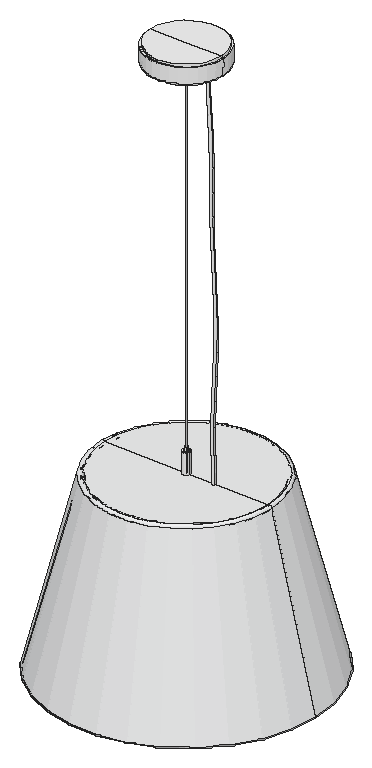
Revit family "FLOOT", category Lighting Fixtures, Revit 2019
Family settings
  Round Connector Dimension = Use Diameter
  Part Type = Normal
  OmniClass Number = 23.80.70.00
  OmniClass Title = Lighting
  Work Plane-Based = Yes
  Always vertical = No
  Cut with Voids When Loaded = No
  Light Source = Yes
  Shared = No
  Room Calculation Point = No
Parameters (values of type "4800lm 33W 3000K CRI85 17° METAL")
  Wattage Comments = "33"
  Wattage = 32.3141 W
  built-in parameter 1150110 = 1 (stored number, unit not read)
  URL = "https://www.aria.lighting/interni/sospensioni/floot"
  Type Image = FLOOT METAL.jpg
  Type Comments = "Suspended light"
  built-in parameter 1114217 = 1 (stored number, unit not read)
  Tilt Angle = 30.00°
  built-in parameter 1150109 = 1 (stored number, unit not read)
  built-in parameter 1150134 = (empty or 0)
  built-in parameter 1150113 = 1 (stored number, unit not read)
  Photometric Web File = "3916-01 _ FLOOT LED 33W 4800 lm 17°.IES"
  built-in parameter 1150142 = "IESNA:LM-63-2002\r\n[TEST] 3916-01 16°/05-12-2012 / Luca\r\n[TESTLAB] ies2eulumdat.appspot.com\r\n[ISSUEDATE] 2021-09-21T07:35:19.056\r\n[MANUFAC] IVELA SpA\r\n[LUMCAT] 3916-01\r\n[LUMINAIRE] FLOOT LED 33W 4800 lm 17°\r\n[LAMPCAT] LED per FLOOT 4800\r\n[LAMP] LED per FLOOT 4800\r\nTILT=NONE\r\n1\t4258\t1\t37\t1\t1\t2\t-0.070\t-0.070\t0.025\r\n1.0\t1.0\t33.00\r\n0\t 5\t 10\t 15\t 20\t 25\t 30\t 35\t 40\t 45\r\n50\t 55\t 60\t 65\t 70\t 75\t 80\t 85\t 90\t 95\r\n100\t 105\t 110\t 115\t 120\t 125\t 130\t 135\t 140\t 145\r\n150\t 155\t 160\t 165\t 170\t 175\t 180\r\n0\r\n23457.7191\t18550.2493\t8656.4797\t3463.4482\t2102.3302\t1709.0112\t1517.5544\t1144.6166\t426.1139\t55.9598\r\n19.8657\t2.9003\t0.5377\t0.3858\t0.2892\t0.2317\t0.1938\t0.1666\t0.149\t0.1544\r\n0.1822\t0.2889\t0.5673\t1.0244\t1.6194\t2.3519\t3.4314\t5.3577\t8.5544\t12.5435\r\n16.0512\t18.0748\t19.0623\t20.1015\t20.7962\t19.5162\t17.8737"
  Model = "391"
  Manufacturer = "ARIA"
  Lumens = 4800 lm
  built-in parameter 1150115 = 1 (stored number, unit not read)
  built-in parameter 1150105 = 26443.6 (stored number, unit not read)
  built-in parameter 1150137 = (empty or 0)
  built-in parameter 1150139 = (empty or 0)
  built-in parameter 1150112 = 1 (stored number, unit not read)
  built-in parameter 1150114 = 1 (stored number, unit not read)
  Lamp = "4800lm 33W 3000K CRI85"
  built-in parameter 1150132 = 2
  built-in parameter 1150102 = (empty or 0)
  built-in parameter 1150138 = (empty or 0)
  built-in parameter 1150107 = 3000 (stored number, unit not read)
  built-in parameter 1150106 = 264.44 (stored number, unit not read)
  Glass Material = Glass
  built-in parameter 1150104 = 13.8 (stored number, unit not read)
  Effective Intensity (lm) = 4258
  Dimming Lamp Color Temperature Shift = <None>
  Description = "Floot è una lampada a sospensione a luce diffusa con sorgente LED COB che si distingue per la sobrietà delle linee e il rigore funzionale.\r\nUn design elegante e al contempo altamente innovativo fa di Floot una presenza visibile ma leggera, per ambienti privati e pubblici.\r\nIl vano componenti, che agisce anche da raffreddatore, è in contrasto con il diffusore a campana, segno lineare ed essenziale che determina l’eleganza e la leggerezza sofisticata dell’apparecchio.\r\nApplicabili ottiche professionali, fornite come accessori, per una varietà di fasci luminosi differenti.\r\nApplicabile a binario trifase LKM con gli specifici adattatori."
  Default Elevation = 0 mm
  Cord lenght = 498 mm
  Color Filter = 16777215
  Codice = "3916-01-52"
  CRI L'indice di Resa Cromatica = "85"
  Body Diameter = 354 mm
  Body Material = Aluminum
  Body Length = 238 mm
  Beam angle (°) = "17°"
  built-in parameter 1114218 = 1 (stored number, unit not read)
  built-in parameter 1150133 = 10 (stored number, unit not read)
Types (16, lengths in mm): name | Wattage | Type Image | Photometric Web File | built-in parameter 1150142 | Lumens | built-in parameter 1150105 | Lamp | built-in parameter 1150106 | Effective Intensity (lm) | Cord lenght | Codice | Body Material | Beam angle (°)
  4800lm 33W 3000K CRI85 17° WHITE | 32.3141 W | FLOOT BIANCO TRASLUCIDO.jpg | "3916-01 _ FLOOT LED 33W 4800 lm 17°.IES" | "IESNA:LM-63-2002\r\n[TEST] 3916-01 16°/05-12-2012 / Luca\r\n[TESTLAB] ies2eulumdat.appspot.com\r\n[ISSUEDATE] 2021-09-21T07:35:19.056\r\n[MANUFAC] IVELA SpA\r\n[LUMCAT] 3916-01\r\n[LUMINAIRE] FLOOT LED 33W 4800 lm 17°\r\n[LAMPCAT] LED per FLOOT 4800\r\n[LAMP] LED per FLOOT 4800\r\nTILT=NONE\r\n1\t4258\t1\t37\t1\t1\t2\t-0.070\t-0.070\t0.025\r\n1.0\t1.0\t33.00\r\n0\t 5\t 10\t 15\t 20\t 25\t 30\t 35\t 40\t 45\r\n50\t 55\t 60\t 65\t 70\t 75\t 80\t 85\t 90\t 95\r\n100\t 105\t 110\t 115\t 120\t 125\t 130\t 135\t 140\t 145\r\n150\t 155\t 160\t 165\t 170\t 175\t 180\r\n0\r\n23457.7191\t18550.2493\t8656.4797\t3463.4482\t2102.3302\t1709.0112\t1517.5544\t1144.6166\t426.1139\t55.9598\r\n19.8657\t2.9003\t0.5377\t0.3858\t0.2892\t0.2317\t0.1938\t0.1666\t0.149\t0.1544\r\n0.1822\t0.2889\t0.5673\t1.0244\t1.6194\t2.3519\t3.4314\t5.3577\t8.5544\t12.5435\r\n16.0512\t18.0748\t19.0623\t20.1015\t20.7962\t19.5162\t17.8737" | 4800 lm | 26443.6 (stored number, unit not read) | "4800lm 33W 3000K CRI85" | 264.44 (stored number, unit not read) | 4258 | 498 | "3916-01-06" | White Traslucido | "17°"
  4800lm 33W 3000K CRI85 30° WHITE | 32.3141 W | FLOOT BIANCO TRASLUCIDO.jpg | "3916-01 _ FLOOT LED 33W 4800 lm 30°.IES" | "IESNA:LM-63-2002\r\n[TEST] 3916-01 30°/20-11-2012 / Luca\r\n[TESTLAB] ies2eulumdat.appspot.com\r\n[ISSUEDATE] 2021-09-21T07:35:40.438\r\n[MANUFAC] IVELA SpA\r\n[LUMCAT] 3916-01\r\n[LUMINAIRE] FLOOT LED 33W 4800 lm 30°\r\n[LAMPCAT] LED per FLOOT 4800\r\n[LAMP] LED per FLOOT 4800\r\nTILT=NONE\r\n1\t4258\t1\t37\t1\t1\t2\t-0.070\t-0.070\t0.025\r\n1.0\t1.0\t33.00\r\n0\t 5\t 10\t 15\t 20\t 25\t 30\t 35\t 40\t 45\r\n50\t 55\t 60\t 65\t 70\t 75\t 80\t 85\t 90\t 95\r\n100\t 105\t 110\t 115\t 120\t 125\t 130\t 135\t 140\t 145\r\n150\t 155\t 160\t 165\t 170\t 175\t 180\r\n0\r\n11049.6067\t10584.6603\t8489.3506\t5038.4739\t2947.6863\t2036.6166\t1567.6648\t1088.7753\t572.6464\t150.5804\r\n24.1011\t2.7049\t0.7677\t0.5269\t0.3711\t0.2704\t0.206\t0.1594\t0.1298\t0.1381\r\n0.1817\t0.3235\t0.621\t1.0951\t1.7511\t2.6874\t4.1031\t6.2252\t9.0264\t12.1999\r\n15.2232\t17.6233\t19.2384\t20.2417\t20.5431\t19.9479\t19.8111" | 4800 lm | 26443.6 (stored number, unit not read) | "4800lm 33W 3000K CRI85" | 264.44 (stored number, unit not read) | 4258 | 498 | "3916-01-06" | White Traslucido | "30°"
  4800lm 33W 3000K CRI85 55° WHITE | 32.3141 W | FLOOT BIANCO TRASLUCIDO.jpg | "3916-01 _ FLOOT LED 33W 4800 lm 60°.IES" | "IESNA:LM-63-2002\r\n[TEST] 3916-01 60°/07-12-2012 / Luca\r\n[TESTLAB] ies2eulumdat.appspot.com\r\n[ISSUEDATE] 2021-09-21T07:36:02.473\r\n[MANUFAC] IVELA SpA\r\n[LUMCAT] 3916-01\r\n[LUMINAIRE] FLOOT LED 33W 4800 lm 60°\r\n[LAMPCAT] LED per FLOOT 4800\r\n[LAMP] LED per FLOOT 4800\r\nTILT=NONE\r\n1\t4258\t1\t37\t1\t1\t2\t-0.070\t-0.070\t0.025\r\n1.0\t1.0\t33.00\r\n0\t 5\t 10\t 15\t 20\t 25\t 30\t 35\t 40\t 45\r\n50\t 55\t 60\t 65\t 70\t 75\t 80\t 85\t 90\t 95\r\n100\t 105\t 110\t 115\t 120\t 125\t 130\t 135\t 140\t 145\r\n150\t 155\t 160\t 165\t 170\t 175\t 180\r\n0\r\n4667.1526\t4644.2867\t4570.3289\t4360.9114\t3774.7794\t2926.3731\t2263.9659\t1597.624\t681.4506\t186.1486\r\n88.2688\t39.1311\t21.2263\t12.0821\t6.6604\t3.2854\t1.6896\t0.8641\t0.2509\t0.2283\r\n0.2915\t0.4731\t0.8801\t1.5643\t2.5154\t3.7557\t5.3311\t7.2161\t9.2968\t11.4971\r\n13.7108\t15.6559\t17.0248\t17.9577\t18.6924\t19.4436\t20.0017" | 4800 lm | 26443.6 (stored number, unit not read) | "4800lm 33W 3000K CRI85" | 264.44 (stored number, unit not read) | 4258 | 498 | "3916-01-06" | White Traslucido | "55°"
  4800lm 33W 3000K CRI85 70° WHITE | 32.3141 W | FLOOT BIANCO TRASLUCIDO.jpg | "3916-01 _ FLOOT LED 33W 4800 lm 70°.IES" | "IESNA:LM-63-2002\r\n[TEST] 3916-01 70°/07-11-2013 / Luca\r\n[TESTLAB] ies2eulumdat.appspot.com\r\n[ISSUEDATE] 2021-09-21T07:37:08.327\r\n[MANUFAC] IVELA SpA\r\n[LUMCAT] 3916-01\r\n[LUMINAIRE] FLOOT LED 33W 4800 lm 70°\r\n[LAMPCAT] LED per FLOOT 4800\r\n[LAMP] LED per FLOOT 4800\r\nTILT=NONE\r\n1\t4258\t1\t37\t1\t1\t2\t-0.070\t-0.070\t0.025\r\n1.0\t1.0\t33.00\r\n0\t 5\t 10\t 15\t 20\t 25\t 30\t 35\t 40\t 45\r\n50\t 55\t 60\t 65\t 70\t 75\t 80\t 85\t 90\t 95\r\n100\t 105\t 110\t 115\t 120\t 125\t 130\t 135\t 140\t 145\r\n150\t 155\t 160\t 165\t 170\t 175\t 180\r\n0\r\n3133.2973\t3085.8452\t2941.1085\t2723.22\t2507.7668\t2304.1194\t2043.3649\t1517.6794\t955.3264\t550.9744\r\n447.0406\t363.3969\t286.7944\t219.2301\t159.0732\t108.3989\t65.1211\t29.4261\t1.8356\t0.9243\r\n1.1801\t1.5468\t2.0867\t2.8252\t3.7161\t4.7354\t5.8785\t7.1543\t8.4931\t9.8666\r\n11.18\t12.2307\t12.9241\t13.5145\t14.2276\t14.8576\t15.2187" | 4800 lm | 26443.6 (stored number, unit not read) | "4800lm 33W 3000K CRI85" | 264.44 (stored number, unit not read) | 4258 | 498 | "3916-01-06" | White Traslucido | "70°"
  4800lm 33W 3000K CRI85 17° METAL | 32.3141 W | FLOOT METAL.jpg | "3916-01 _ FLOOT LED 33W 4800 lm 17°.IES" | "IESNA:LM-63-2002\r\n[TEST] 3916-01 16°/05-12-2012 / Luca\r\n[TESTLAB] ies2eulumdat.appspot.com\r\n[ISSUEDATE] 2021-09-21T07:35:19.056\r\n[MANUFAC] IVELA SpA\r\n[LUMCAT] 3916-01\r\n[LUMINAIRE] FLOOT LED 33W 4800 lm 17°\r\n[LAMPCAT] LED per FLOOT 4800\r\n[LAMP] LED per FLOOT 4800\r\nTILT=NONE\r\n1\t4258\t1\t37\t1\t1\t2\t-0.070\t-0.070\t0.025\r\n1.0\t1.0\t33.00\r\n0\t 5\t 10\t 15\t 20\t 25\t 30\t 35\t 40\t 45\r\n50\t 55\t 60\t 65\t 70\t 75\t 80\t 85\t 90\t 95\r\n100\t 105\t 110\t 115\t 120\t 125\t 130\t 135\t 140\t 145\r\n150\t 155\t 160\t 165\t 170\t 175\t 180\r\n0\r\n23457.7191\t18550.2493\t8656.4797\t3463.4482\t2102.3302\t1709.0112\t1517.5544\t1144.6166\t426.1139\t55.9598\r\n19.8657\t2.9003\t0.5377\t0.3858\t0.2892\t0.2317\t0.1938\t0.1666\t0.149\t0.1544\r\n0.1822\t0.2889\t0.5673\t1.0244\t1.6194\t2.3519\t3.4314\t5.3577\t8.5544\t12.5435\r\n16.0512\t18.0748\t19.0623\t20.1015\t20.7962\t19.5162\t17.8737" | 4800 lm | 26443.6 (stored number, unit not read) | "4800lm 33W 3000K CRI85" | 264.44 (stored number, unit not read) | 4258 | 498 | "3916-01-52" | Aluminum | "17°"
  4800lm 33W 3000K CRI85 30° METAL | 32.3141 W | FLOOT METAL.jpg | "3916-01 _ FLOOT LED 33W 4800 lm 30°.IES" | "IESNA:LM-63-2002\r\n[TEST] 3916-01 30°/20-11-2012 / Luca\r\n[TESTLAB] ies2eulumdat.appspot.com\r\n[ISSUEDATE] 2021-09-21T07:35:40.438\r\n[MANUFAC] IVELA SpA\r\n[LUMCAT] 3916-01\r\n[LUMINAIRE] FLOOT LED 33W 4800 lm 30°\r\n[LAMPCAT] LED per FLOOT 4800\r\n[LAMP] LED per FLOOT 4800\r\nTILT=NONE\r\n1\t4258\t1\t37\t1\t1\t2\t-0.070\t-0.070\t0.025\r\n1.0\t1.0\t33.00\r\n0\t 5\t 10\t 15\t 20\t 25\t 30\t 35\t 40\t 45\r\n50\t 55\t 60\t 65\t 70\t 75\t 80\t 85\t 90\t 95\r\n100\t 105\t 110\t 115\t 120\t 125\t 130\t 135\t 140\t 145\r\n150\t 155\t 160\t 165\t 170\t 175\t 180\r\n0\r\n11049.6067\t10584.6603\t8489.3506\t5038.4739\t2947.6863\t2036.6166\t1567.6648\t1088.7753\t572.6464\t150.5804\r\n24.1011\t2.7049\t0.7677\t0.5269\t0.3711\t0.2704\t0.206\t0.1594\t0.1298\t0.1381\r\n0.1817\t0.3235\t0.621\t1.0951\t1.7511\t2.6874\t4.1031\t6.2252\t9.0264\t12.1999\r\n15.2232\t17.6233\t19.2384\t20.2417\t20.5431\t19.9479\t19.8111" | 4800 lm | 26443.6 (stored number, unit not read) | "4800lm 33W 3000K CRI85" | 264.44 (stored number, unit not read) | 4258 | 498 | "3916-01-52" | Aluminum | "30°"
  4800lm 33W 3000K CRI85 55° METAL | 32.3141 W | FLOOT METAL.jpg | "3916-01 _ FLOOT LED 33W 4800 lm 60°.IES" | "IESNA:LM-63-2002\r\n[TEST] 3916-01 60°/07-12-2012 / Luca\r\n[TESTLAB] ies2eulumdat.appspot.com\r\n[ISSUEDATE] 2021-09-21T07:36:02.473\r\n[MANUFAC] IVELA SpA\r\n[LUMCAT] 3916-01\r\n[LUMINAIRE] FLOOT LED 33W 4800 lm 60°\r\n[LAMPCAT] LED per FLOOT 4800\r\n[LAMP] LED per FLOOT 4800\r\nTILT=NONE\r\n1\t4258\t1\t37\t1\t1\t2\t-0.070\t-0.070\t0.025\r\n1.0\t1.0\t33.00\r\n0\t 5\t 10\t 15\t 20\t 25\t 30\t 35\t 40\t 45\r\n50\t 55\t 60\t 65\t 70\t 75\t 80\t 85\t 90\t 95\r\n100\t 105\t 110\t 115\t 120\t 125\t 130\t 135\t 140\t 145\r\n150\t 155\t 160\t 165\t 170\t 175\t 180\r\n0\r\n4667.1526\t4644.2867\t4570.3289\t4360.9114\t3774.7794\t2926.3731\t2263.9659\t1597.624\t681.4506\t186.1486\r\n88.2688\t39.1311\t21.2263\t12.0821\t6.6604\t3.2854\t1.6896\t0.8641\t0.2509\t0.2283\r\n0.2915\t0.4731\t0.8801\t1.5643\t2.5154\t3.7557\t5.3311\t7.2161\t9.2968\t11.4971\r\n13.7108\t15.6559\t17.0248\t17.9577\t18.6924\t19.4436\t20.0017" | 4800 lm | 26443.6 (stored number, unit not read) | "4800lm 33W 3000K CRI85" | 264.44 (stored number, unit not read) | 4258 | 498 | "3916-01-52" | Aluminum | "55°"
  4800lm 33W 3000K CRI85 70° METAL | 32.3141 W | FLOOT METAL.jpg | "3916-01 _ FLOOT LED 33W 4800 lm 70°.IES" | "IESNA:LM-63-2002\r\n[TEST] 3916-01 70°/07-11-2013 / Luca\r\n[TESTLAB] ies2eulumdat.appspot.com\r\n[ISSUEDATE] 2021-09-21T07:37:08.327\r\n[MANUFAC] IVELA SpA\r\n[LUMCAT] 3916-01\r\n[LUMINAIRE] FLOOT LED 33W 4800 lm 70°\r\n[LAMPCAT] LED per FLOOT 4800\r\n[LAMP] LED per FLOOT 4800\r\nTILT=NONE\r\n1\t4258\t1\t37\t1\t1\t2\t-0.070\t-0.070\t0.025\r\n1.0\t1.0\t33.00\r\n0\t 5\t 10\t 15\t 20\t 25\t 30\t 35\t 40\t 45\r\n50\t 55\t 60\t 65\t 70\t 75\t 80\t 85\t 90\t 95\r\n100\t 105\t 110\t 115\t 120\t 125\t 130\t 135\t 140\t 145\r\n150\t 155\t 160\t 165\t 170\t 175\t 180\r\n0\r\n3133.2973\t3085.8452\t2941.1085\t2723.22\t2507.7668\t2304.1194\t2043.3649\t1517.6794\t955.3264\t550.9744\r\n447.0406\t363.3969\t286.7944\t219.2301\t159.0732\t108.3989\t65.1211\t29.4261\t1.8356\t0.9243\r\n1.1801\t1.5468\t2.0867\t2.8252\t3.7161\t4.7354\t5.8785\t7.1543\t8.4931\t9.8666\r\n11.18\t12.2307\t12.9241\t13.5145\t14.2276\t14.8576\t15.2187" | 4800 lm | 26443.6 (stored number, unit not read) | "4800lm 33W 3000K CRI85" | 264.44 (stored number, unit not read) | 4258 | 500 | "3916-01-52" | Aluminum | "70°"
  6800lm 51W 3000K CRI85 25° WHITE | 45.7783 W | FLOOT BIANCO TRASLUCIDO.jpg | "3915 _ FLOOT LED 51W 6800 lm 25°.IES" | "IESNA:LM-63-2002\r\n[TEST] 3915-01 25°/14-11-2013 / Luca\r\n[TESTLAB] ies2eulumdat.appspot.com\r\n[ISSUEDATE] 2021-09-21T07:33:18.867\r\n[MANUFAC] IVELA SpA\r\n[LUMCAT] 3915-01\r\n[LUMINAIRE] FLOOT LED 51W 6800 lm 25°\r\n[LAMPCAT] LED per FLOOT 6800\r\n[LAMP] LED per FLOOT 6800\r\nTILT=NONE\r\n1\t5783\t1\t37\t1\t1\t2\t-0.070\t-0.070\t0.025\r\n1.0\t1.0\t51.00\r\n0\t 5\t 10\t 15\t 20\t 25\t 30\t 35\t 40\t 45\r\n50\t 55\t 60\t 65\t 70\t 75\t 80\t 85\t 90\t 95\r\n100\t 105\t 110\t 115\t 120\t 125\t 130\t 135\t 140\t 145\r\n150\t 155\t 160\t 165\t 170\t 175\t 180\r\n0\r\n15982.0305\t15611.6056\t10806.6388\t6509.3008\t4258.6911\t3009.6965\t2221.2578\t1408.9109\t642.9737\t149.5106\r\n43.3217\t6.4826\t2.0669\t1.2704\t0.8017\t0.5227\t0.3528\t0.2515\t0.195\t0.2022\r\n0.2541\t0.4201\t0.7925\t1.4349\t2.3787\t3.7143\t5.6543\t8.4936\t12.2914\t16.6505\r\n20.7905\t23.9512\t26.0483\t27.3705\t27.8717\t27.1129\t26.6551" | 6800 lm | 37461.8 (stored number, unit not read) | "6800lm 51W 3000K CRI85" | 374.62 (stored number, unit not read) | 5873 | 498 | "3915-01-06" | White Traslucido | "25°"
  6800lm 51W 3000K CRI85 25° METAL | 45.7783 W | FLOOT METAL.jpg | "3915 _ FLOOT LED 51W 6800 lm 25°.IES" | "IESNA:LM-63-2002\r\n[TEST] 3915-01 25°/14-11-2013 / Luca\r\n[TESTLAB] ies2eulumdat.appspot.com\r\n[ISSUEDATE] 2021-09-21T07:33:18.867\r\n[MANUFAC] IVELA SpA\r\n[LUMCAT] 3915-01\r\n[LUMINAIRE] FLOOT LED 51W 6800 lm 25°\r\n[LAMPCAT] LED per FLOOT 6800\r\n[LAMP] LED per FLOOT 6800\r\nTILT=NONE\r\n1\t5783\t1\t37\t1\t1\t2\t-0.070\t-0.070\t0.025\r\n1.0\t1.0\t51.00\r\n0\t 5\t 10\t 15\t 20\t 25\t 30\t 35\t 40\t 45\r\n50\t 55\t 60\t 65\t 70\t 75\t 80\t 85\t 90\t 95\r\n100\t 105\t 110\t 115\t 120\t 125\t 130\t 135\t 140\t 145\r\n150\t 155\t 160\t 165\t 170\t 175\t 180\r\n0\r\n15982.0305\t15611.6056\t10806.6388\t6509.3008\t4258.6911\t3009.6965\t2221.2578\t1408.9109\t642.9737\t149.5106\r\n43.3217\t6.4826\t2.0669\t1.2704\t0.8017\t0.5227\t0.3528\t0.2515\t0.195\t0.2022\r\n0.2541\t0.4201\t0.7925\t1.4349\t2.3787\t3.7143\t5.6543\t8.4936\t12.2914\t16.6505\r\n20.7905\t23.9512\t26.0483\t27.3705\t27.8717\t27.1129\t26.6551" | 6800 lm | 37461.8 (stored number, unit not read) | "6800lm 51W 3000K CRI85" | 374.62 (stored number, unit not read) | 5873 | 498 | "3915-01-52" | Aluminum | "25°"
  6800lm 51W 3000K CRI85 40° WHITE | 45.7783 W | FLOOT BIANCO TRASLUCIDO.jpg | "3915 _ FLOOT LED 51W 6800 lm 40°.IES" | "IESNA:LM-63-2002\r\n[TEST] 3915-01 40°/05-11-2013 / Luca\r\n[TESTLAB] ies2eulumdat.appspot.com\r\n[ISSUEDATE] 2021-09-21T07:33:52.051\r\n[MANUFAC] IVELA SpA\r\n[LUMCAT] 3915-01\r\n[LUMINAIRE] FLOOT LED 51W 6800 lm 40°\r\n[LAMPCAT] LED per FLOOT 6800\r\n[LAMP] LED per FLOOT 6800\r\nTILT=NONE\r\n1\t5783\t1\t37\t1\t1\t2\t-0.070\t-0.070\t0.025\r\n1.0\t1.0\t51.00\r\n0\t 5\t 10\t 15\t 20\t 25\t 30\t 35\t 40\t 45\r\n50\t 55\t 60\t 65\t 70\t 75\t 80\t 85\t 90\t 95\r\n100\t 105\t 110\t 115\t 120\t 125\t 130\t 135\t 140\t 145\r\n150\t 155\t 160\t 165\t 170\t 175\t 180\r\n0\r\n10116.4089\t9836.1339\t8637.6997\t6765.6355\t4953.8723\t3587.008\t2652.7632\t1643.345\t757.1628\t178.41\r\n58.7128\t8.6597\t3.0369\t1.829\t1.1297\t0.6862\t0.405\t0.2593\t0.1875\t0.2009\r\n0.2585\t0.4479\t0.8767\t1.6349\t2.7412\t4.293\t6.4056\t9.2097\t12.5373\t16.1887\r\n19.8277\t22.938\t25.0953\t26.4036\t27.0549\t27.3009\t27.673" | 6800 lm | 37461.8 (stored number, unit not read) | "6800lm 51W 3000K CRI85" | 374.62 (stored number, unit not read) | 5873 | 498 | "3915-01-06" | White Traslucido | "40°"
  6800lm 51W 3000K CRI85 40° METAL | 45.7783 W | FLOOT METAL.jpg | "3915 _ FLOOT LED 51W 6800 lm 40°.IES" | "IESNA:LM-63-2002\r\n[TEST] 3915-01 40°/05-11-2013 / Luca\r\n[TESTLAB] ies2eulumdat.appspot.com\r\n[ISSUEDATE] 2021-09-21T07:33:52.051\r\n[MANUFAC] IVELA SpA\r\n[LUMCAT] 3915-01\r\n[LUMINAIRE] FLOOT LED 51W 6800 lm 40°\r\n[LAMPCAT] LED per FLOOT 6800\r\n[LAMP] LED per FLOOT 6800\r\nTILT=NONE\r\n1\t5783\t1\t37\t1\t1\t2\t-0.070\t-0.070\t0.025\r\n1.0\t1.0\t51.00\r\n0\t 5\t 10\t 15\t 20\t 25\t 30\t 35\t 40\t 45\r\n50\t 55\t 60\t 65\t 70\t 75\t 80\t 85\t 90\t 95\r\n100\t 105\t 110\t 115\t 120\t 125\t 130\t 135\t 140\t 145\r\n150\t 155\t 160\t 165\t 170\t 175\t 180\r\n0\r\n10116.4089\t9836.1339\t8637.6997\t6765.6355\t4953.8723\t3587.008\t2652.7632\t1643.345\t757.1628\t178.41\r\n58.7128\t8.6597\t3.0369\t1.829\t1.1297\t0.6862\t0.405\t0.2593\t0.1875\t0.2009\r\n0.2585\t0.4479\t0.8767\t1.6349\t2.7412\t4.293\t6.4056\t9.2097\t12.5373\t16.1887\r\n19.8277\t22.938\t25.0953\t26.4036\t27.0549\t27.3009\t27.673" | 6800 lm | 37461.8 (stored number, unit not read) | "6800lm 51W 3000K CRI85" | 374.62 (stored number, unit not read) | 5873 | 498 | "3915-01-52" | Aluminum | "40°"
  6800lm 51W 3000K CRI85 60° WHITE | 45.7783 W | FLOOT BIANCO TRASLUCIDO.jpg | "3915 _ FLOOT LED 51W 6800 lm 60°.IES" | "IESNA:LM-63-2002\r\n[TEST] 3915-01 60°/06-11-2013 / Luca\r\n[TESTLAB] ies2eulumdat.appspot.com\r\n[ISSUEDATE] 2021-09-21T07:34:14.433\r\n[MANUFAC] IVELA SpA\r\n[LUMCAT] 3915-01\r\n[LUMINAIRE] FLOOT LED 51W 6800 lm 60°\r\n[LAMPCAT] LED per FLOOT 6800\r\n[LAMP] LED per FLOOT 6800\r\nTILT=NONE\r\n1\t5783\t1\t37\t1\t1\t2\t-0.070\t-0.070\t0.025\r\n1.0\t1.0\t51.00\r\n0\t 5\t 10\t 15\t 20\t 25\t 30\t 35\t 40\t 45\r\n50\t 55\t 60\t 65\t 70\t 75\t 80\t 85\t 90\t 95\r\n100\t 105\t 110\t 115\t 120\t 125\t 130\t 135\t 140\t 145\r\n150\t 155\t 160\t 165\t 170\t 175\t 180\r\n0\r\n6498.5668\t6454.6359\t6277.7064\t5919.6569\t5314.8812\t4237.559\t3070.0518\t1919.4224\t945.3168\t273.0487\r\n95.8912\t22.126\t8.767\t4.4196\t2.407\t1.364\t0.7316\t0.4052\t0.1973\t0.2163\r\n0.2954\t0.5302\t1.0422\t1.9284\t3.2297\t5.0026\t7.1923\t9.7841\t12.6627\t15.7337\r\n18.8383\t21.5092\t23.4658\t24.7257\t25.8229\t26.8777\t27.5278" | 6800 lm | 37461.8 (stored number, unit not read) | "6800lm 51W 3000K CRI85" | 374.62 (stored number, unit not read) | 5873 | 498 | "3915-01-06" | White Traslucido | "60°"
  6800lm 51W 3000K CRI85 60° METAL | 45.7783 W | FLOOT METAL.jpg | "3915 _ FLOOT LED 51W 6800 lm 60°.IES" | "IESNA:LM-63-2002\r\n[TEST] 3915-01 60°/06-11-2013 / Luca\r\n[TESTLAB] ies2eulumdat.appspot.com\r\n[ISSUEDATE] 2021-09-21T07:34:14.433\r\n[MANUFAC] IVELA SpA\r\n[LUMCAT] 3915-01\r\n[LUMINAIRE] FLOOT LED 51W 6800 lm 60°\r\n[LAMPCAT] LED per FLOOT 6800\r\n[LAMP] LED per FLOOT 6800\r\nTILT=NONE\r\n1\t5783\t1\t37\t1\t1\t2\t-0.070\t-0.070\t0.025\r\n1.0\t1.0\t51.00\r\n0\t 5\t 10\t 15\t 20\t 25\t 30\t 35\t 40\t 45\r\n50\t 55\t 60\t 65\t 70\t 75\t 80\t 85\t 90\t 95\r\n100\t 105\t 110\t 115\t 120\t 125\t 130\t 135\t 140\t 145\r\n150\t 155\t 160\t 165\t 170\t 175\t 180\r\n0\r\n6498.5668\t6454.6359\t6277.7064\t5919.6569\t5314.8812\t4237.559\t3070.0518\t1919.4224\t945.3168\t273.0487\r\n95.8912\t22.126\t8.767\t4.4196\t2.407\t1.364\t0.7316\t0.4052\t0.1973\t0.2163\r\n0.2954\t0.5302\t1.0422\t1.9284\t3.2297\t5.0026\t7.1923\t9.7841\t12.6627\t15.7337\r\n18.8383\t21.5092\t23.4658\t24.7257\t25.8229\t26.8777\t27.5278" | 6800 lm | 37461.8 (stored number, unit not read) | "6800lm 51W 3000K CRI85" | 374.62 (stored number, unit not read) | 5873 | 498 | "3915-01-52" | Aluminum | "60°"
  6800lm 51W 3000K CRI85 70° WHITE | 45.7783 W | FLOOT BIANCO TRASLUCIDO.jpg | "3915 _ FLOOT LED 51W 6800 lm 70°.IES" | "IESNA:LM-63-2002\r\n[TEST] 3915-01 70°/07-11-2013 / Luca\r\n[TESTLAB] ies2eulumdat.appspot.com\r\n[ISSUEDATE] 2021-09-21T07:34:36.977\r\n[MANUFAC] IVELA SpA\r\n[LUMCAT] 3915-01\r\n[LUMINAIRE] FLOOT LED 51W 6800 lm 70°\r\n[LAMPCAT] LED per FLOOT 6800\r\n[LAMP] LED per FLOOT 6800\r\nTILT=NONE\r\n1\t5783\t1\t37\t1\t1\t2\t-0.070\t-0.070\t0.025\r\n1.0\t1.0\t51.00\r\n0\t 5\t 10\t 15\t 20\t 25\t 30\t 35\t 40\t 45\r\n50\t 55\t 60\t 65\t 70\t 75\t 80\t 85\t 90\t 95\r\n100\t 105\t 110\t 115\t 120\t 125\t 130\t 135\t 140\t 145\r\n150\t 155\t 160\t 165\t 170\t 175\t 180\r\n0\r\n4255.6255\t4191.1763\t3994.5959\t3698.661\t3406.0338\t3129.4411\t2775.286\t2061.303\t1297.5185\t748.3301\r\n607.1679\t493.5635\t389.5225\t297.757\t216.0522\t147.2267\t88.4471\t39.9663\t2.4931\t1.2554\r\n1.6028\t2.1008\t2.8341\t3.8371\t5.0472\t6.4316\t7.9842\t9.717\t11.5353\t13.4008\r\n15.1846\t16.6117\t17.5534\t18.3553\t19.3239\t20.1795\t20.6699" | 6800 lm | 37461.8 (stored number, unit not read) | "6800lm 51W 3000K CRI85" | 374.62 (stored number, unit not read) | 5873 | 498 | "3915-01-06" | White Traslucido | "70°"
  6800lm 51W 3000K CRI85 70° METAL | 45.7783 W | FLOOT METAL.jpg | "3915 _ FLOOT LED 51W 6800 lm 70°.IES" | "IESNA:LM-63-2002\r\n[TEST] 3915-01 70°/07-11-2013 / Luca\r\n[TESTLAB] ies2eulumdat.appspot.com\r\n[ISSUEDATE] 2021-09-21T07:34:36.977\r\n[MANUFAC] IVELA SpA\r\n[LUMCAT] 3915-01\r\n[LUMINAIRE] FLOOT LED 51W 6800 lm 70°\r\n[LAMPCAT] LED per FLOOT 6800\r\n[LAMP] LED per FLOOT 6800\r\nTILT=NONE\r\n1\t5783\t1\t37\t1\t1\t2\t-0.070\t-0.070\t0.025\r\n1.0\t1.0\t51.00\r\n0\t 5\t 10\t 15\t 20\t 25\t 30\t 35\t 40\t 45\r\n50\t 55\t 60\t 65\t 70\t 75\t 80\t 85\t 90\t 95\r\n100\t 105\t 110\t 115\t 120\t 125\t 130\t 135\t 140\t 145\r\n150\t 155\t 160\t 165\t 170\t 175\t 180\r\n0\r\n4255.6255\t4191.1763\t3994.5959\t3698.661\t3406.0338\t3129.4411\t2775.286\t2061.303\t1297.5185\t748.3301\r\n607.1679\t493.5635\t389.5225\t297.757\t216.0522\t147.2267\t88.4471\t39.9663\t2.4931\t1.2554\r\n1.6028\t2.1008\t2.8341\t3.8371\t5.0472\t6.4316\t7.9842\t9.717\t11.5353\t13.4008\r\n15.1846\t16.6117\t17.5534\t18.3553\t19.3239\t20.1795\t20.6699" | 6800 lm | 37461.8 (stored number, unit not read) | "6800lm 51W 3000K CRI85" | 374.62 (stored number, unit not read) | 5873 | 498 | "3915-01-52" | Aluminum | "70°"
Reference planes
  plane 1 "Light Source Axis (F/B)": y = 0
  plane 2: z = 0
  plane 3 "Light Source Axis (L/R)": x = 0
  plane 4 "Light Source Elevation": z = 50
  plane 5: z = 0
  plane 6: z = 238
  plane 7: x = -177
  plane 8: x = 177
  plane 9: through (670.09, 102.685, 1416.126) normal (0.891, 0, -0.454)
  plane 10: y = 0
  plane 11: z = 50
  plane 12: z = 736
  plane 13: z = 762.68
Forms (mm)
  Extrusion 1, solid, not visible
    sketch origin (125.301, 0, 346.918) x (0.891007, 0, -0.45399) y (0, 1, 0)
      loop
        circle (0, 0) r 33.5
    from -451 to -276
  Revolve 2, solid, material "Aluminum" <- "Body Material"
    sketch origin (-5.111, 0, 0.213) x (1, 0, 0) y (0, 0, 1)
      loop
        arc (179.508, 0.763) -> (179.959, 0.039) -> (180.81, 0.112) r 0.816
        arc (180.81, 0.112) -> (181.611, 0.528) -> (181.786, 1.414) r 1.04
        line (181.786, 1.414) -> (121.267, 234.377)
        arc (121.267, 234.377) -> (117.235, 237.393) -> (113.784, 233.726) r 3.78
        line (113.784, 233.726) -> (102.423, 126.607)
        arc (102.423, 126.607) -> (102.213, 126.195) -> (101.781, 126.03) r 0.646
        line (101.781, 126.03) -> (86.333, 126.03)
        arc (86.333, 126.03) -> (85.958, 126.185) -> (85.802, 126.561) r 0.531
        line (85.802, 126.561) -> (85.802, 128.11)
        arc (85.802, 128.11) -> (85.649, 128.479) -> (85.279, 128.633) r 0.523
        line (85.279, 128.633) -> (74.598, 128.633)
        arc (74.598, 128.633) -> (74.238, 128.484) -> (74.089, 128.123) r 0.509
        line (74.089, 128.123) -> (74.089, 126.556)
        arc (74.089, 126.556) -> (73.935, 126.184) -> (73.563, 126.03) r 0.526
        line (73.563, 126.03) -> (49.595, 126.03)
        arc (49.595, 126.03) -> (49.207, 126.176) -> (49.011, 126.541) r 0.589
        line (49.011, 126.541) -> (48.405, 131.084)
        arc (48.405, 131.084) -> (48.222, 131.425) -> (47.86, 131.561) r 0.55
        line (47.86, 131.561) -> (42.375, 131.561)
        arc (42.375, 131.561) -> (42.024, 131.415) -> (41.878, 131.063) r 0.498
        line (41.878, 131.063) -> (41.878, 128.162)
        arc (41.878, 128.162) -> (41.73, 127.805) -> (41.373, 127.657) r 0.505
        line (41.373, 127.657) -> (5.111, 127.657) -> (5.111, 122.451) -> (103.775, 122.451)
        arc (103.775, 122.451) -> (104.418, 122.696) -> (104.735, 123.306) r 0.966
        line (104.735, 123.306) -> (117.038, 230.147)
        arc (117.038, 230.147) -> (117.688, 230.798) -> (118.339, 230.147) r 0.651
        line (118.339, 230.147) -> (179.508, 0.763)
      axis (5.111, 234.377) -> (5.111, 0.112)
    angle from 0 to 360
  Extrusion 3, solid, material "White Powder Coated Aluminium"
    sketch origin (0, 0, 187) x (0, -1, 0) y (1, 0, 0)
      loop
        circle (0, 0) r 1
    from 51.169 to 549
  Revolve 4, solid, material "White Powder Coated Aluminium"
    sketch origin (-5.111, 0, 0.213) x (1, 0, 0) y (0, 0, 1)
      loop
        line (9.666, 237.407) -> (9.666, 264.449)
        arc (9.666, 264.449) -> (9.515, 264.811) -> (9.153, 264.962) r 0.513
        line (9.153, 264.962) -> (6.737, 264.962) -> (6.737, 269.192) -> (5.111, 269.192) -> (5.111, 237.407) -> (9.666, 237.407)
      axis (5.111, 269.192) -> (5.111, 237.407)
    angle from 0 to 360
  Revolve 5, solid, material "White Powder Coated Aluminium"
    sketch origin (-5.111, 0, 0.213) x (1, 0, 0) y (0, 0, 1)
      loop
        line (5.111, 762.467) -> (5.111, 730.907) -> (20.728, 730.907) -> (20.728, 735.787) -> (46.548, 735.787)
        arc (46.548, 735.787) -> (46.926, 735.944) -> (47.083, 736.322) r 0.535
        line (47.083, 736.322) -> (47.083, 738.716) -> (54.697, 738.716)
        arc (54.697, 738.716) -> (55.06, 738.864) -> (55.215, 739.226) r 0.519
        line (55.215, 739.226) -> (55.543, 759.864) -> (52.94, 759.864) -> (52.94, 762.467) -> (5.111, 762.467)
      axis (5.111, 762.467) -> (5.111, 730.907)
    angle from 0 to 360
  Sweep 6, solid, material "White Powder Coated Aluminium"
    path origin (-145, 0, 0) x (1, 0, 0) y (0, 0, 1)
      loop
        spline (173.593, 736) -> (177.822, 681.752) -> (179.256, 634.511) -> (179.392, 592.571) -> (179.726, 554.229) -> (181.188, 517.928) -> (183.17, 482.513) -> (184.806, 446.897) -> (185.228, 409.993) -> (183.765, 370.789) -> (181.476, 328.957) -> (180.337, 284.523) -> (182.329, 237.518)
    profile origin (38.17, 0, 482.513) x (0.998476, 0, 0.055193) y (0, -1, 0)
      loop
        circle (0, 0) r 2.053
  Revolve 7, solid, material "Aluminum" <- "Body Material"
    sketch origin (-5.111, 0, 0.213) x (1, 0, 0) y (0, 0, 1)
      loop
        line (117.571, 237.407) -> (5.111, 237.407) -> (5.111, 229.497) -> (113.335, 229.497) -> (113.856, 234.377)
        arc (113.856, 234.377) -> (115.174, 236.553) -> (117.571, 237.407) r 3.793
      axis (5.111, 237.407) -> (5.111, 229.497)
    angle from 0 to 360
Lines and regions (mm)
  model lines, style "Livello 1", not visible
    curve 1: line (91.361, -248.414, 0) -> (91.361, -75.376, 0)
    curve 2: line (83.357, -248.656, 0) -> (99.204, -248.656, 0)
    curve 3: line (83.357, -74.989, 0) -> (99.204, -74.989, 0)
    curve 4: line (249.046, -180.368, 0) -> (422.081, -180.368, 0)
    curve 5: line (248.798, -172.364, 0) -> (248.798, -188.21, 0)
    curve 6: line (422.47, -172.364, 0) -> (422.47, -188.21, 0)
    curve 7: line (-80.305, -248.656, 0) -> (-80.305, 0, 0)
    curve 8: line (-88.309, -249.152, 0) -> (-72.462, -249.152, 0)
    curve 9: line (180.535, -123.603, 0) -> (180.535, 0, 0)
    curve 10: line (172.53, -123.603, 0) -> (188.377, -123.603, 0)
    curve 11: line (-32.583, -300.664, 0) -> (34.336, -300.664, 0)
    curve 12: line (-33.068, -295.146, 0) -> (-33.068, -307.657, 0)
    curve 13: line (34.336, -295.146, 0) -> (34.336, -307.657, 0)
    curve 14: line (-113.009, 0, 0) -> (113.009, 0, 0)
    curve 15: line (148.012, 0, 0) -> (374.031, 0, 0)
  reference lines, not visible
    curve 16: line (0, 0, 101) -> (-79.448, 0, -54.926)
Text (mm)
  text "175" at (86.469, -183.643, 0), in view "Ref. Level", not visible
  text "175" at (310.102, -174.808, 0), in view "Ref. Level", not visible
  text "249" at (-83.918, -149.568, 0), in view "Ref. Level", not visible
  text "124" at (175.301, -85.792, 0), in view "Ref. Level", not visible
  text "67" at (-13.326, -296.358, 0), in view "Ref. Level", not visible
Dimensions and locks
  "Body Length": level to plane 6
  "Body Diameter": plane 8 to plane 7
  equal spacing: plane 8, plane 3 "Light Source Axis (L/R)", plane 7
  "Cord lenght": plane 12 to plane 6
  locked: plane 13 to plane 12 at 26.68
  angle plane 5 to plane 3 "Light Source Axis (L/R)" = 90.00°
  aligned and locked: level to plane 2
  aligned and locked: plane 9 to Extrusion 1 sketch curve
  aligned and locked: Extrusion 1 to curve 16  (x2)
  aligned and locked: Revolve 2 sketch curve to plane 3 "Light Source Axis (L/R)"
  aligned and locked: plane 12 to Extrusion 3
  aligned and locked: plane 12 to Sweep 6 sketch curve
Automatic sketch dimensions
  Extrusion 1 sketch curve to plane 10 = 0 mm
  curve 16 to curve 16 = 59.854 mm
  curve 16 to curve 16 = 164.446 mm
  Revolve 2 sketch curve to plane 3 "Light Source Axis (L/R)" = 0 mm
  Revolve 2 sketch curve to plane 8 = 140.738 mm
  Revolve 2 sketch curve to Revolve 2 sketch curve = 0.505 mm
  Revolve 2 sketch curve to Revolve 2 sketch curve = 0.498 mm
  Revolve 2 sketch curve to Revolve 2 sketch curve = 5.485 mm
  Revolve 2 sketch curve to Revolve 2 sketch curve = 0.545 mm
  Revolve 2 sketch curve to Revolve 2 sketch curve = 0.606 mm
  Revolve 2 sketch curve to Revolve 2 sketch curve = 0.584 mm
  Revolve 2 sketch curve to Revolve 2 sketch curve = 23.968 mm
  Revolve 2 sketch curve to Revolve 2 sketch curve = 0.526 mm
  Revolve 2 sketch curve to Revolve 2 sketch curve = 0.509 mm
  Revolve 2 sketch curve to Revolve 2 sketch curve = 10.681 mm
  Revolve 2 sketch curve to Revolve 2 sketch curve = 0.523 mm
  Revolve 2 sketch curve to Revolve 2 sketch curve = 0.531 mm  (x2)
  Revolve 2 sketch curve to Revolve 2 sketch curve = 15.447 mm
  Revolve 2 sketch curve to Revolve 2 sketch curve = 0.642 mm
  Revolve 2 sketch curve to Revolve 2 sketch curve = 1.994 mm
  Revolve 2 sketch curve to Revolve 2 sketch curve = 0.96 mm
  Revolve 2 sketch curve to plane 6 = 4.061 mm
  Revolve 2 sketch curve to plane 8 = 68.327 mm
  Revolve 2 sketch curve to plane 6 = 7.64 mm
  Revolve 2 sketch curve to Revolve 2 sketch curve = 3.254 mm
  Revolve 2 sketch curve to Revolve 2 sketch curve = 0.525 mm
  Revolve 2 sketch curve to Revolve 2 sketch curve = 0.651 mm
  Revolve 2 sketch curve to plane 6 = 3.41 mm
  Revolve 2 sketch curve to Revolve 2 sketch curve = 3.705 mm
  level to Revolve 2 sketch curve = 0.976 mm
  Revolve 2 sketch curve to plane 8 = 2.602 mm
  Revolve 2 sketch curve to Revolve 2 sketch curve = 0.816 mm
  Revolve 2 sketch curve to Revolve 2 sketch curve = 0.454 mm
  level to Revolve 2 sketch curve = 1.627 mm
  Revolve 2 sketch curve to Revolve 2 sketch curve = 1.007 mm
  Revolve 2 sketch curve to Revolve 2 sketch curve = 0.006 mm
  Revolve 2 sketch curve to Revolve 2 sketch curve = 0.384 mm
  Revolve 2 sketch curve to plane 4 "Light Source Elevation" = 72.664 mm
  Revolve 2 sketch curve to Revolve 2 sketch curve = 0.856 mm
  Revolve 2 sketch curve to Revolve 2 sketch curve = 2.613 mm
  Revolve 2 sketch curve to Revolve 2 sketch curve = 0.511 mm
  Revolve 2 sketch curve to Revolve 2 sketch curve = 0.578 mm
  Revolve 2 sketch curve to Revolve 2 sketch curve = 5.206 mm
  Revolve 2 sketch curve to Revolve 2 sketch curve = 1.549 mm
  Revolve 2 sketch curve to Revolve 2 sketch curve = 4.47 mm
  Revolve 2 sketch curve to Revolve 2 sketch curve = 2.902 mm
  Revolve 2 sketch curve to level = 256.371 mm
  Revolve 2 sketch curve to plane 12 = 131.768 mm
  Revolve 5 sketch curve to plane 13 = 0 mm
  plane 3 "Light Source Axis (L/R)" to Revolve 5 sketch curve = 0 mm  (x2)
  Revolve 5 sketch curve to plane 8 = 135.563 mm
  plane 12 to Revolve 5 sketch curve = 0.535 mm
  Revolve 5 sketch curve to plane 13 = 2.602 mm
  Revolve 5 sketch curve to plane 8 = 129.171 mm
  plane 12 to Revolve 5 sketch curve = 3.447 mm
  Revolve 5 sketch curve to Revolve 5 sketch curve = 7.614 mm
  plane 12 to Revolve 5 sketch curve = 3.439 mm
  Revolve 5 sketch curve to Revolve 5 sketch curve = 0.518 mm
  Revolve 5 sketch curve to Revolve 5 sketch curve = 2.603 mm
  Revolve 5 sketch curve to Revolve 5 sketch curve = 15.618 mm
  Revolve 5 sketch curve to plane 12 = 0 mm
  Revolve 5 sketch curve to Revolve 5 sketch curve = 4.88 mm
  Revolve 5 sketch curve to Revolve 5 sketch curve = 126.888 mm
  Revolve 5 sketch curve to level = 256.371 mm
  plane 1 "Light Source Axis (F/B)" to Sweep 6 sketch curve = 0 mm
  Sweep 6 sketch curve to profile plane = 0 mm
  Sweep 6 sketch curve to plane 8 = 148.407 mm
  Sweep 6 sketch curve to plane 6 = 0.482 mm
  Sweep 6 sketch curve to plane 8 = 139.671 mm
  Revolve 4 sketch curve to plane 3 "Light Source Axis (L/R)" = 0 mm  (x2)
  Revolve 4 sketch curve to Revolve 4 sketch curve = 1.627 mm
  Revolve 4 sketch curve to Revolve 4 sketch curve = 2.415 mm
  plane 3 "Light Source Axis (L/R)" to Revolve 4 sketch curve = 4.555 mm
  plane 6 to Revolve 4 sketch curve = 26.662 mm
  Revolve 4 sketch curve to Revolve 4 sketch curve = 4.23 mm
  Revolve 4 sketch curve to level = 256.371 mm
  Revolve 4 sketch curve to plane 12 = 131.768 mm
  Revolve 7 sketch curve to plane 3 "Light Source Axis (L/R)" = 0 mm  (x2)
  Revolve 7 sketch curve to plane 6 = 4.174 mm
  Revolve 7 sketch curve to plane 8 = 64.539 mm
  Revolve 7 sketch curve to plane 6 = 0.38 mm
  Revolve 7 sketch curve to plane 6 = 8.29 mm
  Revolve 7 sketch curve to Revolve 7 sketch curve = 0.521 mm
  Revolve 7 sketch curve to Revolve 7 sketch curve = 4.237 mm
  Revolve 7 sketch curve to level = 256.371 mm
  Revolve 7 sketch curve to plane 12 = 131.768 mm
  Revolve 4 sketch curve to plane 6 = 0.38 mm
  radius of Extrusion 1 sketch curve = 33.5 mm
  radius of Extrusion 3 sketch curve = 1 mm
  radius of Sweep 6 sketch curve = 2.053 mm
